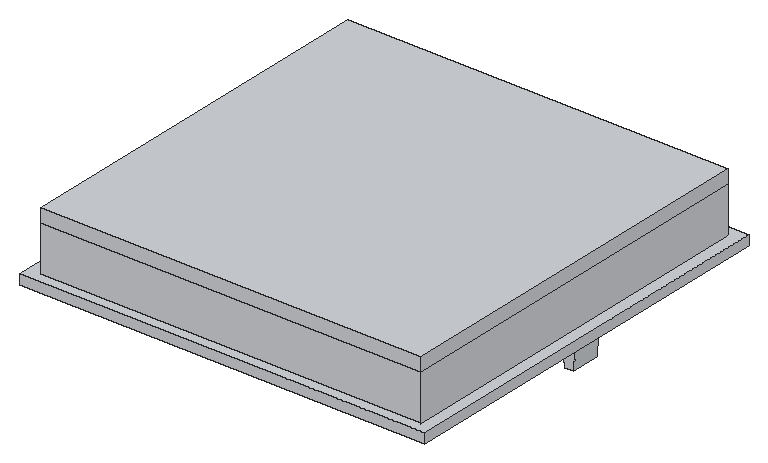
Revit family "Gira_028666", category Electrical Fixtures, host Face, Revit 2017
Family settings
  Host = Face
  Maintain Annotation Orientation = No
  Round Connector Dimension = Use Diameter
  Part Type = Normal
  Cut with Voids When Loaded = No
  Shared = No
  Room Calculation Point = No
Parameters (values of type "Wippe Symb. Klingel Gira TX_44 (WG UP) Reinweiß")
  Werkstoffgüte = "sonstige"
  Werkstoff = "Kunststoff"
  Verwendung = "Schalter/Taster"
  URL = "http://katalog.gira.de/de_DE/datenblatt.html?artikelnr=028666"
  Region = "DE"
  Oberfläche = "sonstige"
  Name = "Wippe Symb. Klingel Gira TX_44 (WG UP) Reinweiß"
  Mit austauschbarer Linse/Symbol = "No"
  Mit Beschriftungsfeld = "No"
  Manufacturer URL = "https://www.gira.de/"
  Kontrollfenster/Lichtauslass = "Yes"
  Keynote = "TX44_Abdeckung_Schalten und Tasten"
  HeinzeBIM = "https://bimportal.heinze.de/bim/wippe-symb-klingel-gira-tx-44-wg-up-reinweiss/00a6b60ceb3dde2466c780c31cb780f3912efde4"
  Halogenfrei = "No"
  HAN = "028666"
  Geeignet für Schutzart (IP) = "IP44"
  Geeignet für Bussystem-Tasterankopplung = "No"
  GTIN = "4010337286660"
  Farbe = "weiß"
  Default Elevation = 1219.2 mm
  Data sheet (1) = "https://katalog.gira.de/de_DE/download.html?artikelnr=028666"
  Category = "Abdeckung/Bedienelement für Installationsschalterprogramme"
  Befestigungsart = "Klemmbefestigung"
  Available = "Yes"
  Ausführung = "einteilige Wippe"
  Aufdruck/Kennzeichnung = "Symbol \"Klingel\""
  Abtastbares Symbol/barrierefrei = "No"
Reference planes
  plane 1 "Center (Front/Back)": y = 0
  plane 2: z = 0
  plane 3 "Center (Left/Right)": x = 0
Forms (mm)
  Extrusion 1, solid, detail levels fine
    sketch origin (0, 0, 0) x (1, 0, 0) y (0, 1, 0)
      loop
        line (34.85, 34.85) -> (-34.85, 34.85) -> (-34.85, -34.85) -> (34.85, -34.85) -> (34.85, 34.85)
      loop
        line (-31.45, 31.8) -> (-31.45, -31.8) -> (31.45, -31.8) -> (31.45, 31.8) -> (-31.45, 31.8)
    from 0 to 1.7
  Extrusion 2, solid, detail levels fine
    sketch origin (0, 0, 0) x (1, 0, 0) y (0, 1, 0)
      loop
        line (32.8, 33.05) -> (-32.8, 33.05) -> (-32.8, -33.05) -> (32.8, -33.05) -> (32.8, 33.05)
      loop
        line (-31.45, 31.8) -> (-31.45, -31.8) -> (31.45, -31.8) -> (31.45, 31.8) -> (-31.45, 31.8)
    from 1.566 to 9.515
  Extrusion 3, solid, detail levels fine
    sketch origin (0, 0, 0) x (1, 0, 0) y (0, 1, 0)
      loop
        line (32.8, 33.05) -> (-32.8, 33.05) -> (-32.8, -33.05) -> (32.8, -33.05) -> (32.8, 33.05)
    from 9.515 to 11.816
  Extrusion 4, solid, detail levels fine
    sketch origin (0, 0, 0) x (1, 0, 0) y (0, 0, 1)
      loop
        line (-32.815, 0) -> (-34.827, 0) -> (-34.611, -3.084) -> (-33.031, -3.084) -> (-32.815, 0)
      loop
        line (32.815, 0) -> (33.031, -3.084) -> (34.611, -3.084) -> (34.827, 0) -> (32.815, 0)
    from -2.513 to 2.5
  Extrusion 5, solid, detail levels fine
    sketch origin (0, 0, 0) x (1, 0, 0) y (0, 1, 0)
      loop
        spline (-23.686, 23.152) -> (-23.856, 23.114) -> (-24.022, 23.062) -> (-24.184, 22.995) -> (-24.338, 22.915) -> (-24.486, 22.821) -> (-24.624, 22.715) -> (-24.753, 22.597) -> (-24.87, 22.468) -> (-24.977, 22.33) -> (-25.07, 22.183) -> (-25.151, 22.028) -> (-25.218, 21.867)
        line (-25.218, 21.867) -> (-29.35, 10.513) -> (-29.35, -10.487) -> (-25.218, -21.841)
        spline (-25.218, -21.841) -> (-25.151, -22.002) -> (-25.07, -22.156) -> (-24.977, -22.304) -> (-24.87, -22.442) -> (-24.753, -22.571) -> (-24.624, -22.688) -> (-24.486, -22.795) -> (-24.338, -22.888) -> (-24.184, -22.969) -> (-24.022, -23.036) -> (-23.856, -23.088) -> (-23.686, -23.126)
        line (-23.686, -23.126) -> (0, -27.302) -> (23.686, -23.126)
        spline (23.686, -23.126) -> (23.856, -23.088) -> (24.022, -23.036) -> (24.184, -22.969) -> (24.338, -22.888) -> (24.486, -22.795) -> (24.624, -22.688) -> (24.753, -22.571) -> (24.87, -22.442) -> (24.977, -22.304) -> (25.07, -22.156) -> (25.151, -22.002) -> (25.218, -21.841)
        line (25.218, -21.841) -> (29.35, -10.487) -> (29.35, 10.513) -> (25.218, 21.867)
        spline (25.218, 21.867) -> (25.151, 22.028) -> (25.07, 22.183) -> (24.977, 22.33) -> (24.87, 22.468) -> (24.753, 22.597) -> (24.624, 22.715) -> (24.486, 22.821) -> (24.338, 22.915) -> (24.184, 22.995) -> (24.022, 23.062) -> (23.856, 23.114) -> (23.686, 23.152)
        line (23.686, 23.152) -> (0, 27.328) -> (-23.686, 23.152)
      loop
        line (-24.278, 21.525) -> (-28.35, 10.337) -> (-28.35, -10.311) -> (-24.278, -21.498)
        spline (-24.278, -21.498) -> (-24.245, -21.579) -> (-24.204, -21.656) -> (-24.157, -21.73) -> (-24.104, -21.799) -> (-24.045, -21.863) -> (-23.981, -21.922) -> (-23.912, -21.976) -> (-23.838, -22.022) -> (-23.761, -22.063) -> (-23.68, -22.096) -> (-23.597, -22.122) -> (-23.512, -22.141)
        line (-23.512, -22.141) -> (0, -26.287) -> (23.512, -22.141)
        spline (23.512, -22.141) -> (23.597, -22.122) -> (23.68, -22.096) -> (23.761, -22.063) -> (23.838, -22.022) -> (23.912, -21.976) -> (23.981, -21.922) -> (24.045, -21.863) -> (24.104, -21.799) -> (24.157, -21.73) -> (24.204, -21.656) -> (24.245, -21.579) -> (24.278, -21.498)
        line (24.278, -21.498) -> (28.35, -10.311) -> (28.35, 10.337) -> (24.278, 21.525)
        spline (24.278, 21.525) -> (24.245, 21.605) -> (24.204, 21.683) -> (24.157, 21.756) -> (24.104, 21.825) -> (24.045, 21.89) -> (23.981, 21.949) -> (23.912, 22.002) -> (23.838, 22.048) -> (23.761, 22.089) -> (23.68, 22.122) -> (23.597, 22.148) -> (23.512, 22.167)
        line (23.512, 22.167) -> (0, 26.313) -> (-23.512, 22.167)
        spline (-23.512, 22.167) -> (-23.597, 22.148) -> (-23.68, 22.122) -> (-23.761, 22.089) -> (-23.838, 22.048) -> (-23.912, 22.002) -> (-23.981, 21.949) -> (-24.045, 21.89) -> (-24.104, 21.825) -> (-24.157, 21.756) -> (-24.204, 21.683) -> (-24.245, 21.605) -> (-24.278, 21.525)
    from 4.866 to 9.515
  Extrusion 6, solid, detail levels fine
    sketch origin (0, 0, 0) x (1, 0, 0) y (0, 1, 0)
      loop
        arc (0, 8.51) -> (-1.055, 8.223) -> (-1.717, 7.352) r 1.7
        line (-1.717, 7.352) -> (-2.205, 5.894) -> (-2.205, 4.213) -> (-4.36, 4.213)
        arc (-4.36, 4.213) -> (-4.865, 4.091) -> (-5.257, 3.75) r 1.1
        arc (-5.257, 3.75) -> (-6.02, 2.328) -> (-6.406, 0.761) r 6.45
        arc (-6.406, 0.761) -> (-6.7, 0.013) -> (-6.406, -0.735) r 1.1
        arc (-6.406, -0.735) -> (-6.02, -2.302) -> (-5.257, -3.724) r 6.45
        arc (-5.257, -3.724) -> (-4.865, -4.064) -> (-4.36, -4.187) r 1.1
        line (-4.36, -4.187) -> (-2.1, -4.187) -> (-2.1, -5.243)
        arc (-2.1, -5.243) -> (-1.847, -5.944) -> (-1.206, -6.323) r 1.1
        arc (-1.206, -6.323) -> (0, -6.437) -> (1.206, -6.323) r 6.45
        arc (1.206, -6.323) -> (1.847, -5.944) -> (2.1, -5.243) r 1.1
        line (2.1, -5.243) -> (2.1, -4.187) -> (4.36, -4.187)
        arc (4.36, -4.187) -> (4.865, -4.064) -> (5.257, -3.724) r 1.1
        arc (5.257, -3.724) -> (6.02, -2.302) -> (6.406, -0.735) r 6.45
        arc (6.406, -0.735) -> (6.7, 0.013) -> (6.406, 0.761) r 1.1
        arc (6.406, 0.761) -> (6.02, 2.328) -> (5.257, 3.75) r 6.45
        arc (5.257, 3.75) -> (4.865, 4.091) -> (4.36, 4.213) r 1.1
        line (4.36, 4.213) -> (2.205, 4.213) -> (2.205, 5.894) -> (1.717, 7.352)
        arc (1.717, 7.352) -> (1.055, 8.223) -> (0, 8.51) r 1.7
    from -6.834 to 9.515
  Extrusion 7, solid, detail levels coarse
    sketch origin (0, 0, 0) x (1, 0, 0) y (0, 1, 0)
      loop
        line (34.85, 34.85) -> (-34.85, 34.85) -> (-34.85, -34.85) -> (34.85, -34.85) -> (34.85, 34.85)
    from -6.834 to 11.816
  Extrusion 8, solid, detail levels medium
    sketch origin (0, 0, 0) x (1, 0, 0) y (0, 1, 0)
      loop
        line (32.8, 33.05) -> (-32.8, 33.05) -> (-32.8, -33.05) -> (32.8, -33.05) -> (32.8, 33.05)
    from 1.566 to 11.816
  Extrusion 9, solid, detail levels medium
    sketch origin (0, 0, 0) x (1, 0, 0) y (0, 1, 0)
      loop
        line (34.85, 34.85) -> (-34.85, 34.85) -> (-34.85, -34.85) -> (34.85, -34.85) -> (34.85, 34.85)
    from 0 to 1.7
  Extrusion 10, solid, detail levels medium
    sketch origin (0, 0, 0) x (1, 0, 0) y (0, 1, 0)
      loop
        circle (0, 1.036) r 7.473
    from -6.834 to 9.515
  Extrusion 11, solid, detail levels medium
    sketch origin (0, 0, 0) x (1, 0, 0) y (0, 0, 1)
      loop
        line (-32.815, -3.084) -> (-32.815, 0) -> (-34.827, 0) -> (-34.827, -3.084) -> (-32.815, -3.084)
      loop
        line (32.815, -3.084) -> (34.827, -3.084) -> (34.827, 0) -> (32.815, 0) -> (32.815, -3.084)
    from -2.513 to 2.5
Dimensions and locks
  aligned and locked: plane 2 to host face
  aligned and locked: level to host face
